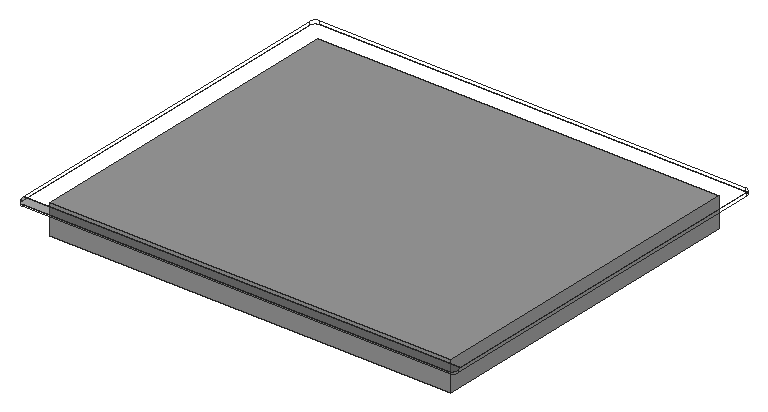
Revit family "IZF 6420", category Specialty Equipment, host Face, Revit 2017 (continued)
Lines and regions (mm)
  Split face 131
    outline origin (-1534.635, 255, 5) x (-1, 0, 0) y (0, -1, 0)
      loop
        line (-1478.854, 465.105) -> (-1477.428, 465.102) -> (-1475.995, 465.105)
        arc (-1475.995, 465.105) -> (-1475.64, 464.959) -> (-1475.493, 464.605) r 0.5
        line (-1475.493, 464.605) -> (-1475.493, 461.96) -> (-1474.433, 461.225) -> (-1473.977, 461.882) -> (-1474.693, 462.379)
  Split face 132
    outline origin (-1534.635, 255, 5) x (-1, 0, 0) y (0, -1, 0)
      loop
        line (-1474.205, 461.554) -> (-1475.093, 462.169) -> (-1475.093, 465.004)
        arc (-1475.093, 465.004) -> (-1475.24, 465.358) -> (-1475.593, 465.504) r 0.5
        line (-1475.593, 465.504) -> (-1479.265, 465.504)
        arc (-1479.265, 465.504) -> (-1479.618, 465.358) -> (-1479.765, 465.004) r 0.5
        line (-1479.765, 465.004) -> (-1479.765, 462.169) -> (-1480.653, 461.554)
  Split face 133
    outline origin (-1534.635, 255, 5) x (-1, 0, 0) y (0, -1, 0)
      loop
        line (-1466.675, 462.693) -> (-1470.547, 462.693)
      loop
        line (-1466.675, 463.093) -> (-1470.547, 463.093)
  Split face 134
    outline origin (-1534.635, 255, 5) x (-1, 0, 0) y (0, -1, 0)
      loop
        line (-1475.493, 463.093) -> (-1479.365, 463.093)
      loop
        line (-1475.493, 462.693) -> (-1479.365, 462.693)
  Split face 135
    outline origin (-1534.635, 255, 5) x (-1, 0, 0) y (0, -1, 0)
      loop
        line (-1476.464, 462.127) -> (-1478.864, 462.127)
        arc (-1478.864, 462.127) -> (-1478.466, 461.085) -> (-1478.863, 460.043) r 1.562
        arc (-1478.863, 460.043) -> (-1479.134, 459.678) -> (-1479.287, 459.25) r 1.549
        line (-1479.287, 459.25) -> (-1476.887, 459.25)
        arc (-1476.887, 459.25) -> (-1476.734, 459.678) -> (-1476.463, 460.043) r 1.549
        arc (-1476.463, 460.043) -> (-1476.066, 461.085) -> (-1476.464, 462.127) r 1.562
  Split face 136
    outline origin (-1534.635, 255, 5) x (-1, 0, 0) y (0, -1, 0)
      loop
        arc (-1476.864, 462.127) -> (-1476.466, 461.085) -> (-1476.863, 460.043) r 1.562
        arc (-1476.863, 460.043) -> (-1477.134, 459.678) -> (-1477.287, 459.25) r 1.549
      loop
        arc (-1477.464, 462.127) -> (-1477.066, 461.085) -> (-1477.463, 460.043) r 1.562
        arc (-1477.463, 460.043) -> (-1477.734, 459.678) -> (-1477.887, 459.25) r 1.549
      loop
        arc (-1477.864, 462.127) -> (-1477.466, 461.085) -> (-1477.863, 460.043) r 1.562
        arc (-1477.863, 460.043) -> (-1478.134, 459.678) -> (-1478.287, 459.25) r 1.549
      loop
        arc (-1478.464, 462.127) -> (-1478.066, 461.085) -> (-1478.463, 460.043) r 1.562
        arc (-1478.463, 460.043) -> (-1478.734, 459.678) -> (-1478.887, 459.25) r 1.549
  Split face 137
    outline origin (-1534.635, 255, 5) x (-1, 0, 0) y (0, -1, 0)
      loop
        circle (-1508.694, 459.867) r 5.483
  Split face 138
    outline origin (-1534.635, 255, 5) x (-1, 0, 0) y (0, -1, 0)
      loop
        circle (-1508.694, 459.867) r 5.283
  Split face 139
    outline origin (-1534.635, 255, 5) x (-1, 0, 0) y (0, -1, 0)
      loop
        line (-1505.994, 458.21) -> (-1505.994, 463.61) -> (-1511.394, 463.61) -> (-1511.394, 458.21) -> (-1505.994, 458.21)
  Split face 140
    outline origin (-1534.635, 255, 5) x (-1, 0, 0) y (0, -1, 0)
      loop
        line (-1506.835, 458.21) -> (-1510.553, 458.21) -> (-1510.553, 456.847)
        arc (-1510.553, 456.847) -> (-1508.694, 454.988) -> (-1506.835, 456.847) r 1.859
        line (-1506.835, 456.847) -> (-1506.835, 458.21)
  Split face 141
    outline origin (-1534.635, 255, 5) x (-1, 0, 0) y (0, -1, 0)
      loop
        line (-1507.331, 458.21) -> (-1510.057, 458.21) -> (-1510.057, 456.847)
        arc (-1510.057, 456.847) -> (-1508.694, 455.484) -> (-1507.331, 456.847) r 1.363
        line (-1507.331, 456.847) -> (-1507.331, 458.21)
  Split face 142
    outline origin (-1534.635, 255, 5) x (-1, 0, 0) y (0, -1, 0)
      loop
        line (-1506.49, 458.706) -> (-1506.49, 463.114) -> (-1510.898, 463.114) -> (-1510.898, 458.706) -> (-1506.49, 458.706)
  Split face 143
    outline origin (-1534.635, 255, 5) x (-1, 0, 0) y (0, -1, 0)
      loop
        arc (-1509.536, 461.083) -> (-1508.694, 459.371) -> (-1507.853, 461.083) r 1.063
        line (-1507.853, 461.083) -> (-1507.608, 462.472) -> (-1509.781, 462.472) -> (-1509.536, 461.083)
  Split face 144
    outline origin (-1534.635, 255, 5) x (-1, 0, 0) y (0, -1, 0)
      loop
        arc (-1509.002, 460.91) -> (-1508.694, 459.867) -> (-1508.386, 460.91) r 0.567
        line (-1508.386, 460.91) -> (-1508.198, 461.977) -> (-1509.19, 461.977) -> (-1509.002, 460.91)
  Split face 145
    outline origin (-1534.635, 255, 5) x (-1, 0, 0) y (0, -1, 0)
      loop
        line (-1532.307, 455.202) -> (-1527.468, 455.202) -> (-1528.678, 456.522) -> (-1530.867, 456.522) -> (-1532.307, 455.202)
  Split face 146
    outline origin (-1534.635, 255, 5) x (-1, 0, 0) y (0, -1, 0)
      loop
        line (-1528.191, 456.968) -> (-1526.982, 455.648) -> (-1526.613, 459.861) -> (-1527.994, 459.217) -> (-1528.191, 456.968)
  Split face 147
    outline origin (-1534.635, 255, 5) x (-1, 0, 0) y (0, -1, 0)
      loop
        line (-1531.313, 457.008) -> (-1531.117, 459.24) -> (-1532.385, 459.9) -> (-1532.753, 455.688) -> (-1531.313, 457.008)
  Split face 148
    outline origin (-1534.635, 255, 5) x (-1, 0, 0) y (0, -1, 0)
      loop
        line (-1527.961, 459.596) -> (-1526.58, 460.24) -> (-1527.846, 460.916) -> (-1530.971, 460.916) -> (-1532.353, 460.256) -> (-1531.086, 459.596) -> (-1527.961, 459.596)
  Split face 149
    outline origin (-1534.635, 255, 5) x (-1, 0, 0) y (0, -1, 0)
      loop
        line (-1530.937, 461.298) -> (-1530.741, 463.545) -> (-1531.95, 464.865) -> (-1532.32, 460.638) -> (-1530.937, 461.298)
  Split face 150
    outline origin (-1534.635, 255, 5) x (-1, 0, 0) y (0, -1, 0)
      loop
        line (-1530.254, 463.991) -> (-1528.065, 463.991) -> (-1526.625, 465.311) -> (-1531.464, 465.311) -> (-1530.254, 463.991)
  Split face 151
    outline origin (-1534.635, 255, 5) x (-1, 0, 0) y (0, -1, 0)
      loop
        line (-1540.519, 455.202) -> (-1535.68, 455.202) -> (-1536.889, 456.522) -> (-1539.078, 456.522) -> (-1540.519, 455.202)
  Split face 152
    outline origin (-1534.635, 255, 5) x (-1, 0, 0) y (0, -1, 0)
      loop
        line (-1536.403, 456.968) -> (-1535.193, 455.648) -> (-1534.824, 459.861) -> (-1536.206, 459.217) -> (-1536.403, 456.968)
  Split face 153
    outline origin (-1534.635, 255, 5) x (-1, 0, 0) y (0, -1, 0)
      loop
        line (-1539.524, 457.008) -> (-1539.329, 459.24) -> (-1540.596, 459.9) -> (-1540.965, 455.688) -> (-1539.524, 457.008)
  Split face 154
    outline origin (-1534.635, 255, 5) x (-1, 0, 0) y (0, -1, 0)
      loop
        line (-1536.173, 459.596) -> (-1534.791, 460.24) -> (-1536.057, 460.916) -> (-1539.182, 460.916) -> (-1540.565, 460.256) -> (-1539.298, 459.596) -> (-1536.173, 459.596)
  Split face 155
    outline origin (-1534.635, 255, 5) x (-1, 0, 0) y (0, -1, 0)
      loop
        line (-1539.149, 461.298) -> (-1538.952, 463.545) -> (-1540.162, 464.865) -> (-1540.531, 460.638) -> (-1539.149, 461.298)
  Split face 156
    outline origin (-1534.635, 255, 5) x (-1, 0, 0) y (0, -1, 0)
      loop
        line (-1538.466, 463.991) -> (-1536.277, 463.991) -> (-1534.836, 465.311) -> (-1539.675, 465.311) -> (-1538.466, 463.991)
  Split face 157
    outline origin (-1534.635, 255, 5) x (-1, 0, 0) y (0, -1, 0)
      loop
        circle (-1559.397, 459.867) r 5.483
  Split face 158
    outline origin (-1534.635, 255, 5) x (-1, 0, 0) y (0, -1, 0)
      loop
        circle (-1559.397, 459.867) r 5.283
  Split face 159
    outline origin (-1534.635, 255, 5) x (-1, 0, 0) y (0, -1, 0)
      loop
        line (-1557.344, 457.567) -> (-1557.344, 462.167) -> (-1558.144, 462.167) -> (-1558.144, 457.567) -> (-1557.344, 457.567)
  Split face 160
    outline origin (-1534.635, 255, 5) x (-1, 0, 0) y (0, -1, 0)
      loop
        line (-1561.449, 457.567) -> (-1560.649, 457.567) -> (-1560.649, 462.167) -> (-1561.449, 462.167) -> (-1561.449, 457.567)
  Split face 161
    outline origin (-1534.635, 255, 5) x (-1, 0, 0) y (0, -1, 0)
      loop
        line (-1611.101, 455.774) -> (-1606.262, 455.774) -> (-1607.472, 457.094) -> (-1609.661, 457.094) -> (-1611.101, 455.774)
  Split face 162
    outline origin (-1534.635, 255, 5) x (-1, 0, 0) y (0, -1, 0)
      loop
        line (-1605.776, 456.22) -> (-1605.407, 460.433) -> (-1606.789, 459.789) -> (-1606.985, 457.54) -> (-1605.776, 456.22)
  Split face 163
    outline origin (-1534.635, 255, 5) x (-1, 0, 0) y (0, -1, 0)
      loop
        line (-1610.107, 457.581) -> (-1609.911, 459.813) -> (-1611.179, 460.473) -> (-1611.547, 456.261) -> (-1610.107, 457.581)
  Split face 164
    outline origin (-1534.635, 255, 5) x (-1, 0, 0) y (0, -1, 0)
      loop
        line (-1606.755, 460.168) -> (-1605.374, 460.813) -> (-1606.64, 461.488) -> (-1609.765, 461.488) -> (-1611.148, 460.828) -> (-1609.88, 460.168) -> (-1606.755, 460.168)
  Split face 165
    outline origin (-1534.635, 255, 5) x (-1, 0, 0) y (0, -1, 0)
      loop
        line (-1609.731, 461.87) -> (-1609.535, 464.117) -> (-1610.744, 465.437) -> (-1611.114, 461.21) -> (-1609.731, 461.87)
  Split face 166
    outline origin (-1534.635, 255, 5) x (-1, 0, 0) y (0, -1, 0)
      loop
        line (-1609.048, 464.563) -> (-1606.859, 464.563) -> (-1605.419, 465.883) -> (-1610.258, 465.883) -> (-1609.048, 464.563)
  Split face 167
    outline origin (-1534.635, 255, 5) x (-1, 0, 0) y (0, -1, 0)
      loop
        arc (-1614.604, 464.293) -> (-1614.848, 465.4) -> (-1615.868, 465.895) r 1.3
        line (-1615.868, 465.895) -> (-1619.201, 465.895)
        arc (-1619.201, 465.895) -> (-1620.221, 465.4) -> (-1620.465, 464.293) r 1.3
        line (-1620.465, 464.293) -> (-1619.901, 461.937) -> (-1619.123, 462.123) -> (-1619.687, 464.479)
        arc (-1619.687, 464.479) -> (-1619.593, 464.905) -> (-1619.201, 465.095) r 0.5
        line (-1619.201, 465.095) -> (-1615.868, 465.095)
        arc (-1615.868, 465.095) -> (-1615.476, 464.905) -> (-1615.382, 464.479) r 0.5
        line (-1615.382, 464.479) -> (-1615.946, 462.123) -> (-1615.168, 461.937) -> (-1614.604, 464.293)
  Split face 168
    outline origin (-1534.635, 255, 5) x (-1, 0, 0) y (0, -1, 0)
      loop
        line (-1615.557, 462.03) -> (-1614.993, 464.386)
        arc (-1614.993, 464.386) -> (-1615.162, 465.153) -> (-1615.868, 465.495) r 0.9
        line (-1615.868, 465.495) -> (-1619.201, 465.495)
        arc (-1619.201, 465.495) -> (-1619.907, 465.153) -> (-1620.076, 464.386) r 0.9
        line (-1620.076, 464.386) -> (-1619.512, 462.03)
  Split face 169
    outline origin (-1534.635, 255, 5) x (-1, 0, 0) y (0, -1, 0)
      loop
        line (-1616.527, 463.695) -> (-1618.927, 463.695)
        arc (-1618.927, 463.695) -> (-1618.528, 462.654) -> (-1618.925, 461.612) r 1.562
        arc (-1618.925, 461.612) -> (-1619.35, 460.818) -> (-1619.262, 459.922) r 1.549
        line (-1619.262, 459.922) -> (-1616.862, 459.922)
        arc (-1616.862, 459.922) -> (-1616.95, 460.818) -> (-1616.525, 461.612) r 1.549
        arc (-1616.525, 461.612) -> (-1616.128, 462.654) -> (-1616.527, 463.695) r 1.562
  Split face 170
    outline origin (-1534.635, 255, 5) x (-1, 0, 0) y (0, -1, 0)
      loop
        arc (-1616.927, 463.695) -> (-1616.528, 462.654) -> (-1616.925, 461.612) r 1.562
        arc (-1616.925, 461.612) -> (-1617.35, 460.818) -> (-1617.262, 459.922) r 1.549
      loop
        arc (-1617.527, 463.695) -> (-1617.128, 462.654) -> (-1617.525, 461.612) r 1.562
        arc (-1617.525, 461.612) -> (-1617.95, 460.818) -> (-1617.862, 459.922) r 1.549
      loop
        arc (-1617.927, 463.695) -> (-1617.528, 462.654) -> (-1617.925, 461.612) r 1.562
        arc (-1617.925, 461.612) -> (-1618.35, 460.818) -> (-1618.262, 459.922) r 1.549
      loop
        arc (-1618.527, 463.695) -> (-1618.128, 462.654) -> (-1618.525, 461.612) r 1.562
        arc (-1618.525, 461.612) -> (-1618.95, 460.818) -> (-1618.862, 459.922) r 1.549
  Split face 171
    outline origin (-1534.635, 255, 5) x (-1, 0, 0) y (0, -1, 0)
      loop
        line (-1625.745, 461.96) -> (-1624.684, 461.225) -> (-1624.228, 461.882) -> (-1624.945, 462.379) -> (-1624.945, 465.081)
        arc (-1624.945, 465.081) -> (-1625.132, 465.605) -> (-1625.606, 465.895) r 0.838
        line (-1625.606, 465.895) -> (-1629.755, 465.895)
        arc (-1629.755, 465.895) -> (-1630.232, 465.601) -> (-1630.416, 465.072) r 0.838
        line (-1630.416, 465.072) -> (-1630.416, 462.379) -> (-1631.132, 461.882) -> (-1630.677, 461.225) -> (-1629.616, 461.96) -> (-1629.616, 464.605)
        arc (-1629.616, 464.605) -> (-1629.47, 464.959) -> (-1629.116, 465.105) r 0.5
        line (-1629.116, 465.105) -> (-1626.256, 465.105)
        arc (-1626.256, 465.105) -> (-1625.875, 464.936) -> (-1625.745, 464.54) r 0.514
        line (-1625.745, 464.54) -> (-1625.745, 461.96)
  Split face 172
    outline origin (-1534.635, 255, 5) x (-1, 0, 0) y (0, -1, 0)
      loop
        line (-1624.457, 461.552) -> (-1625.345, 462.167) -> (-1625.345, 465.004)
        arc (-1625.345, 465.004) -> (-1625.491, 465.358) -> (-1625.845, 465.504) r 0.5
        line (-1625.845, 465.504) -> (-1629.516, 465.504)
        arc (-1629.516, 465.504) -> (-1629.87, 465.358) -> (-1630.016, 465.004) r 0.5
        line (-1630.016, 465.004) -> (-1630.016, 462.167) -> (-1630.903, 461.552)
  Split face 173
    outline origin (-1534.635, 255, 5) x (-1, 0, 0) y (0, -1, 0)
      loop
        line (-1633.301, 462.379) -> (-1633.301, 465.072)
        arc (-1633.301, 465.072) -> (-1633.485, 465.601) -> (-1633.962, 465.895) r 0.838
        line (-1633.962, 465.895) -> (-1638.111, 465.895)
        arc (-1638.111, 465.895) -> (-1638.585, 465.605) -> (-1638.772, 465.081) r 0.838
        line (-1638.772, 465.081) -> (-1638.772, 462.379) -> (-1639.489, 461.882) -> (-1639.033, 461.225) -> (-1637.972, 461.96) -> (-1637.972, 464.54)
        arc (-1637.972, 464.54) -> (-1637.842, 464.936) -> (-1637.461, 465.105) r 0.514
        line (-1637.461, 465.105) -> (-1636.036, 465.102) -> (-1634.602, 465.105)
        arc (-1634.602, 465.105) -> (-1634.248, 464.959) -> (-1634.101, 464.605) r 0.5
        line (-1634.101, 464.605) -> (-1634.101, 461.96) -> (-1633.04, 461.225) -> (-1632.585, 461.882) -> (-1633.301, 462.379)
  Split face 174
    outline origin (-1534.635, 255, 5) x (-1, 0, 0) y (0, -1, 0)
      loop
        line (-1632.814, 461.552) -> (-1633.701, 462.167) -> (-1633.701, 465.004)
        arc (-1633.701, 465.004) -> (-1633.847, 465.358) -> (-1634.201, 465.504) r 0.5
        line (-1634.201, 465.504) -> (-1637.872, 465.504)
        arc (-1637.872, 465.504) -> (-1638.226, 465.358) -> (-1638.372, 465.004) r 0.5
        line (-1638.372, 465.004) -> (-1638.372, 462.167) -> (-1639.26, 461.552)
  Split face 175
    outline origin (-1534.635, 255, 5) x (-1, 0, 0) y (0, -1, 0)
      loop
        line (-1634.101, 463.093) -> (-1637.972, 463.093)
      loop
        line (-1634.101, 462.693) -> (-1637.972, 462.693)
  Split face 176
    outline origin (-1534.635, 255, 5) x (-1, 0, 0) y (0, -1, 0)
      loop
        arc (-1626.877, 464.112) -> (-1627.672, 464.912) -> (-1628.437, 464.083) r 0.781
        line (-1628.437, 464.083) -> (-1627.65, 461.972) -> (-1626.877, 464.112)
  Split face 177
    outline origin (-1534.635, 255, 5) x (-1, 0, 0) y (0, -1, 0)
      loop
        arc (-1627.077, 464.147) -> (-1627.67, 464.712) -> (-1628.238, 464.123) r 0.581
        line (-1628.238, 464.123) -> (-1627.653, 462.552) -> (-1627.077, 464.147)
  Split face 178
    outline origin (-1534.635, 255, 5) x (-1, 0, 0) y (0, -1, 0)
      loop
        line (-1717.317, 455.774) -> (-1712.478, 455.774) -> (-1713.687, 457.094) -> (-1715.876, 457.094) -> (-1717.317, 455.774)
  Split face 179
    outline origin (-1534.635, 255, 5) x (-1, 0, 0) y (0, -1, 0)
      loop
        line (-1713.201, 457.54) -> (-1711.991, 456.22) -> (-1711.622, 460.433) -> (-1713.004, 459.789) -> (-1713.201, 457.54)
  Split face 180
    outline origin (-1534.635, 255, 5) x (-1, 0, 0) y (0, -1, 0)
      loop
        line (-1716.322, 457.581) -> (-1716.127, 459.813) -> (-1717.394, 460.473) -> (-1717.763, 456.261) -> (-1716.322, 457.581)
  Split face 181
    outline origin (-1534.635, 255, 5) x (-1, 0, 0) y (0, -1, 0)
      loop
        line (-1712.971, 460.168) -> (-1711.589, 460.813) -> (-1712.855, 461.488) -> (-1715.98, 461.488) -> (-1717.363, 460.828) -> (-1716.096, 460.168) -> (-1712.971, 460.168)
  Split face 182
    outline origin (-1534.635, 255, 5) x (-1, 0, 0) y (0, -1, 0)
      loop
        line (-1715.947, 461.87) -> (-1715.75, 464.117) -> (-1716.96, 465.437) -> (-1717.329, 461.21) -> (-1715.947, 461.87)
  Split face 183
    outline origin (-1534.635, 255, 5) x (-1, 0, 0) y (0, -1, 0)
      loop
        line (-1715.264, 464.563) -> (-1713.075, 464.563) -> (-1711.634, 465.883) -> (-1716.473, 465.883) -> (-1715.264, 464.563)
  Split face 184
    outline origin (-1534.635, 255, 5) x (-1, 0, 0) y (0, -1, 0)
      loop
        line (-1719.93, 461.937) -> (-1719.366, 464.293)
        arc (-1719.366, 464.293) -> (-1719.61, 465.4) -> (-1720.63, 465.895) r 1.3
        line (-1720.63, 465.895) -> (-1723.963, 465.895)
        arc (-1723.963, 465.895) -> (-1724.984, 465.4) -> (-1725.227, 464.293) r 1.3
        line (-1725.227, 464.293) -> (-1724.663, 461.937) -> (-1723.885, 462.123) -> (-1724.449, 464.479)
        arc (-1724.449, 464.479) -> (-1724.355, 464.905) -> (-1723.963, 465.095) r 0.5
        line (-1723.963, 465.095) -> (-1720.63, 465.095)
        arc (-1720.63, 465.095) -> (-1720.238, 464.905) -> (-1720.144, 464.479) r 0.5
        line (-1720.144, 464.479) -> (-1720.708, 462.123) -> (-1719.93, 461.937)
  Split face 185
    outline origin (-1534.635, 255, 5) x (-1, 0, 0) y (0, -1, 0)
      loop
        line (-1720.319, 462.03) -> (-1719.755, 464.386)
        arc (-1719.755, 464.386) -> (-1719.924, 465.153) -> (-1720.63, 465.495) r 0.9
        line (-1720.63, 465.495) -> (-1723.963, 465.495)
        arc (-1723.963, 465.495) -> (-1724.669, 465.153) -> (-1724.838, 464.386) r 0.9
        line (-1724.838, 464.386) -> (-1724.274, 462.03)
  Split face 186
    outline origin (-1534.635, 255, 5) x (-1, 0, 0) y (0, -1, 0)
      loop
        arc (-1721.624, 459.922) -> (-1721.712, 460.818) -> (-1721.288, 461.612) r 1.549
        arc (-1721.288, 461.612) -> (-1720.891, 462.654) -> (-1721.289, 463.695) r 1.562
        line (-1721.289, 463.695) -> (-1723.689, 463.695)
        arc (-1723.689, 463.695) -> (-1723.291, 462.654) -> (-1723.688, 461.612) r 1.562
        arc (-1723.688, 461.612) -> (-1724.112, 460.818) -> (-1724.024, 459.922) r 1.549
        line (-1724.024, 459.922) -> (-1721.624, 459.922)
  Split face 187
    outline origin (-1534.635, 255, 5) x (-1, 0, 0) y (0, -1, 0)
      loop
        arc (-1721.689, 463.695) -> (-1721.291, 462.654) -> (-1721.688, 461.612) r 1.562
        arc (-1721.688, 461.612) -> (-1722.112, 460.818) -> (-1722.024, 459.922) r 1.549
      loop
        arc (-1722.289, 463.695) -> (-1721.891, 462.654) -> (-1722.288, 461.612) r 1.562
        arc (-1722.288, 461.612) -> (-1722.712, 460.818) -> (-1722.624, 459.922) r 1.549
      loop
        arc (-1722.689, 463.695) -> (-1722.291, 462.654) -> (-1722.688, 461.612) r 1.562
        arc (-1722.688, 461.612) -> (-1723.112, 460.818) -> (-1723.024, 459.922) r 1.549
      loop
        arc (-1723.289, 463.695) -> (-1722.891, 462.654) -> (-1723.288, 461.612) r 1.562
        arc (-1723.288, 461.612) -> (-1723.712, 460.818) -> (-1723.624, 459.922) r 1.549
  Split face 188
    outline origin (-1534.635, 255, 5) x (-1, 0, 0) y (0, -1, 0)
      loop
        line (-1728.127, 462.379) -> (-1728.127, 465.072)
        arc (-1728.127, 465.072) -> (-1728.312, 465.601) -> (-1728.788, 465.895) r 0.838
        line (-1728.788, 465.895) -> (-1732.938, 465.895)
        arc (-1732.938, 465.895) -> (-1733.411, 465.605) -> (-1733.599, 465.081) r 0.838
        line (-1733.599, 465.081) -> (-1733.599, 462.379) -> (-1734.315, 461.882) -> (-1733.859, 461.225) -> (-1732.799, 461.96) -> (-1732.799, 464.54)
        arc (-1732.799, 464.54) -> (-1732.668, 464.936) -> (-1732.287, 465.105) r 0.514
        line (-1732.287, 465.105) -> (-1730.862, 465.102) -> (-1729.428, 465.105)
        arc (-1729.428, 465.105) -> (-1729.074, 464.959) -> (-1728.927, 464.605) r 0.5
        line (-1728.927, 464.605) -> (-1728.927, 461.96) -> (-1727.866, 461.225) -> (-1727.411, 461.882) -> (-1728.127, 462.379)
  Split face 189
    outline origin (-1534.635, 255, 5) x (-1, 0, 0) y (0, -1, 0)
      loop
        arc (-1730.06, 464.112) -> (-1730.855, 464.912) -> (-1731.619, 464.083) r 0.781
        line (-1731.619, 464.083) -> (-1730.832, 461.972) -> (-1730.06, 464.112)
  Split face 190
    outline origin (-1534.635, 255, 5) x (-1, 0, 0) y (0, -1, 0)
      loop
        arc (-1730.26, 464.147) -> (-1730.852, 464.712) -> (-1731.421, 464.123) r 0.581
        line (-1731.421, 464.123) -> (-1730.835, 462.552) -> (-1730.26, 464.147)
  Split face 191
    outline origin (-1534.635, 255, 5) x (-1, 0, 0) y (0, -1, 0)
      loop
        line (-1727.64, 461.552) -> (-1728.527, 462.167) -> (-1728.527, 465.004)
        arc (-1728.527, 465.004) -> (-1728.674, 465.358) -> (-1729.027, 465.504) r 0.5
        line (-1729.027, 465.504) -> (-1732.699, 465.504)
        arc (-1732.699, 465.504) -> (-1733.052, 465.358) -> (-1733.199, 465.004) r 0.5
        line (-1733.199, 465.004) -> (-1733.199, 462.167) -> (-1734.086, 461.552)
  Split face 192
    outline origin (-1534.635, 255, 5) x (-1, 0, 0) y (0, -1, 0)
      loop
        line (-1737.283, 464.605) -> (-1737.283, 461.96) -> (-1736.223, 461.225) -> (-1735.767, 461.882) -> (-1736.483, 462.379) -> (-1736.483, 465.072)
        arc (-1736.483, 465.072) -> (-1736.668, 465.601) -> (-1737.145, 465.895) r 0.838
        line (-1737.145, 465.895) -> (-1741.294, 465.895)
        arc (-1741.294, 465.895) -> (-1741.767, 465.605) -> (-1741.955, 465.081) r 0.838
        line (-1741.955, 465.081) -> (-1741.955, 462.379) -> (-1742.671, 461.882) -> (-1742.216, 461.225) -> (-1741.155, 461.96) -> (-1741.155, 464.54)
        arc (-1741.155, 464.54) -> (-1741.025, 464.936) -> (-1740.644, 465.105) r 0.514
        line (-1740.644, 465.105) -> (-1739.218, 465.102) -> (-1737.785, 465.105)
        arc (-1737.785, 465.105) -> (-1737.43, 464.959) -> (-1737.283, 464.605) r 0.5
  Split face 193
    outline origin (-1534.635, 255, 5) x (-1, 0, 0) y (0, -1, 0)
      loop
        line (-1735.996, 461.552) -> (-1736.883, 462.167) -> (-1736.883, 464.995)
        arc (-1736.883, 464.995) -> (-1737.03, 465.349) -> (-1737.383, 465.495) r 0.5
        line (-1737.383, 465.495) -> (-1741.055, 465.495)
        arc (-1741.055, 465.495) -> (-1741.408, 465.349) -> (-1741.555, 464.995) r 0.5
        line (-1741.555, 464.995) -> (-1741.555, 462.167) -> (-1742.442, 461.552)
  Split face 194
    outline origin (-1534.635, 255, 5) x (-1, 0, 0) y (0, -1, 0)
      loop
        line (-1737.283, 463.093) -> (-1741.155, 463.093)
      loop
        line (-1737.283, 462.693) -> (-1741.155, 462.693)
  Split face 195
    outline origin (-1534.635, 255, 5) x (-1, 0, 0) y (0, -1, 0)
      loop
        line (-1377.358, 483.686) -> (-1291.658, 483.686) -> (-1291.658, 485.586) -> (-1377.358, 485.586) -> (-1377.358, 483.686)
  Split face 196
    outline origin (-1534.635, 255, 5) x (-1, 0, 0) y (0, -1, 0)
      loop
        line (-1293.558, 483.686) -> (-1293.558, 485.586)
      loop
        line (-1295.708, 483.686) -> (-1295.708, 485.586)
      loop
        line (-1298.608, 483.686) -> (-1298.608, 485.586)
      loop
        line (-1300.758, 483.686) -> (-1300.758, 485.586)
      loop
        line (-1304.658, 483.686) -> (-1304.658, 485.586)
      loop
        line (-1306.808, 483.686) -> (-1306.808, 485.586)
      loop
        line (-1311.708, 483.686) -> (-1311.708, 485.586)
      loop
        line (-1313.858, 483.686) -> (-1313.858, 485.586)
      loop
        line (-1319.758, 483.686) -> (-1319.758, 485.586)
      loop
        line (-1321.908, 483.686) -> (-1321.908, 485.586)
      loop
        line (-1328.808, 483.686) -> (-1328.808, 485.586)
      loop
        line (-1330.958, 483.686) -> (-1330.958, 485.586)
      loop
        line (-1338.858, 483.686) -> (-1338.858, 485.586)
      loop
        line (-1341.008, 483.686) -> (-1341.008, 485.586)
      loop
        line (-1350.008, 483.686) -> (-1350.008, 485.586)
      loop
        line (-1352.158, 483.686) -> (-1352.158, 485.586)
      loop
        line (-1362.158, 483.686) -> (-1362.158, 485.586)
      loop
        line (-1364.308, 483.686) -> (-1364.308, 485.586)
      loop
        line (-1375.208, 483.686) -> (-1375.208, 485.586)
  Split face 197
    outline origin (-1534.635, 255, 5) x (-1, 0, 0) y (0, -1, 0)
      loop
        arc (-1277.5, 479.478) -> (-1277.147, 479.624) -> (-1277, 479.978) r 0.5
        line (-1277, 479.978) -> (-1277, 487.627)
        arc (-1277, 487.627) -> (-1277.147, 487.981) -> (-1277.5, 488.127) r 0.5
        line (-1277.5, 488.127) -> (-1289.985, 488.127)
        arc (-1289.985, 488.127) -> (-1290.339, 487.981) -> (-1290.485, 487.627) r 0.5
        line (-1290.485, 487.627) -> (-1290.485, 479.978)
        arc (-1290.485, 479.978) -> (-1290.339, 479.624) -> (-1289.985, 479.478) r 0.5
        line (-1289.985, 479.478) -> (-1277.5, 479.478)
  Split face 198
    outline origin (-1534.635, 255, 5) x (-1, 0, 0) y (0, -1, 0)
      loop
        line (-1290.285, 487.927) -> (-1290.285, 479.678) -> (-1277.2, 479.678) -> (-1277.2, 487.927) -> (-1290.285, 487.927)
  Split face 199
    outline origin (-1534.635, 255, 5) x (-1, 0, 0) y (0, -1, 0)
      loop
        circle (-1280.157, 485.592) r 1.569
  Split face 200
    outline origin (-1534.635, 255, 5) x (-1, 0, 0) y (0, -1, 0)
      loop
        arc (-1394.943, 478.306) -> (-1394.589, 478.453) -> (-1394.443, 478.806) r 0.5
        line (-1394.443, 478.806) -> (-1394.443, 486.456)
        arc (-1394.443, 486.456) -> (-1394.589, 486.809) -> (-1394.943, 486.956) r 0.5
        line (-1394.943, 486.956) -> (-1407.428, 486.956)
        arc (-1407.428, 486.956) -> (-1407.781, 486.809) -> (-1407.928, 486.456) r 0.5
        line (-1407.928, 486.456) -> (-1407.928, 478.806)
        arc (-1407.928, 478.806) -> (-1407.781, 478.453) -> (-1407.428, 478.306) r 0.5
        line (-1407.428, 478.306) -> (-1394.943, 478.306)
  Split face 201
    outline origin (-1534.635, 255, 5) x (-1, 0, 0) y (0, -1, 0)
      loop
        line (-1407.728, 478.506) -> (-1394.643, 478.506) -> (-1394.643, 486.756) -> (-1407.728, 486.756) -> (-1407.728, 478.506)
  Split face 202
    outline origin (-1534.635, 255, 5) x (-1, 0, 0) y (0, -1, 0)
      loop
        circle (-1397.6, 480.841) r 1.569
  Split face 203
    outline origin (-1534.635, 255, 5) x (-1, 0, 0) y (0, -1, 0)
      loop
        line (-1494.967, 483.686) -> (-1411.558, 483.686) -> (-1411.558, 485.586) -> (-1494.967, 485.586) -> (-1494.967, 483.686)
  Split face 204
    outline origin (-1534.635, 255, 5) x (-1, 0, 0) y (0, -1, 0)
      loop
        line (-1413.458, 483.686) -> (-1413.458, 485.586)
      loop
        line (-1415.608, 483.686) -> (-1415.608, 485.586)
      loop
        line (-1418.508, 483.686) -> (-1418.508, 485.586)
      loop
        line (-1420.658, 483.686) -> (-1420.658, 485.586)
      loop
        line (-1424.558, 483.686) -> (-1424.558, 485.586)
      loop
        line (-1426.708, 483.686) -> (-1426.708, 485.586)
      loop
        line (-1431.608, 483.686) -> (-1431.608, 485.586)
      loop
        line (-1433.758, 483.686) -> (-1433.758, 485.586)
      loop
        line (-1450.417, 483.686) -> (-1450.417, 485.586)
      loop
        line (-1452.567, 483.686) -> (-1452.567, 485.586)
      loop
        line (-1459.467, 483.686) -> (-1459.467, 485.586)
      loop
        line (-1461.617, 483.686) -> (-1461.617, 485.586)
      loop
        line (-1469.517, 483.686) -> (-1469.517, 485.586)
      loop
        line (-1471.667, 483.686) -> (-1471.667, 485.586)
      loop
        line (-1480.667, 483.686) -> (-1480.667, 485.586)
      loop
        line (-1482.817, 483.686) -> (-1482.817, 485.586)
      loop
        line (-1492.817, 483.686) -> (-1492.817, 485.586)
  Split face 205
    outline origin (-1534.635, 255, 5) x (-1, 0, 0) y (0, -1, 0)
      loop
        line (-1379.636, 485.586) -> (-1380.436, 485.586) -> (-1380.436, 482.807) -> (-1382.236, 482.807)
        arc (-1382.236, 482.807) -> (-1383.536, 481.107) -> (-1382.236, 479.407) r 1.762
        line (-1382.236, 479.407) -> (-1379.636, 479.407) -> (-1379.636, 485.586)
  Split face 206
    outline origin (-1534.635, 255, 5) x (-1, 0, 0) y (0, -1, 0)
      loop
        line (-1380.436, 482.107) -> (-1382.131, 482.107)
        arc (-1382.131, 482.107) -> (-1382.836, 481.107) -> (-1382.131, 480.107) r 1.062
        line (-1382.131, 480.107) -> (-1380.436, 480.107) -> (-1380.436, 482.107)
  Split face 207
    outline origin (-1534.635, 255, 5) x (-1, 0, 0) y (0, -1, 0)
      loop
        line (-1497.629, 485.586) -> (-1498.429, 485.586) -> (-1498.429, 482.807) -> (-1500.229, 482.807)
        arc (-1500.229, 482.807) -> (-1501.529, 481.107) -> (-1500.229, 479.407) r 1.762
        line (-1500.229, 479.407) -> (-1497.629, 479.407) -> (-1497.629, 485.586)
  Split face 208
    outline origin (-1534.635, 255, 5) x (-1, 0, 0) y (0, -1, 0)
      loop
        line (-1498.429, 480.107) -> (-1498.429, 482.107) -> (-1500.124, 482.107)
        arc (-1500.124, 482.107) -> (-1500.829, 481.107) -> (-1500.124, 480.107) r 1.062
        line (-1500.124, 480.107) -> (-1498.429, 480.107)
  Split face 209
    outline origin (-1534.635, 255, 5) x (-1, 0, 0) y (0, -1, 0)
      loop
        circle (-1509.033, 487.945) r 5.483
  Split face 210
    outline origin (-1534.635, 255, 5) x (-1, 0, 0) y (0, -1, 0)
      loop
        circle (-1509.033, 487.945) r 5.283
  Split face 211
    outline origin (-1534.635, 255, 5) x (-1, 0, 0) y (0, -1, 0)
      loop
        arc (-1509.026, 485.253) -> (-1506.59, 484.938) -> (-1506.835, 487.383) r 1.569
        line (-1506.835, 487.383) -> (-1506.835, 492.051)
        arc (-1506.835, 492.051) -> (-1509.022, 492.187) -> (-1511.21, 492.051) r 17.652
        line (-1511.21, 492.051) -> (-1511.21, 487.383)
        arc (-1511.21, 487.383) -> (-1511.48, 484.921) -> (-1509.026, 485.253) r 1.572
  Split face 212
    outline origin (-1534.635, 255, 5) x (-1, 0, 0) y (0, -1, 0)
      loop
        arc (-1509.03, 485.82) -> (-1506.879, 484.955) -> (-1507.035, 487.269) r 1.369
        line (-1507.035, 487.269) -> (-1507.035, 491.874)
        arc (-1507.035, 491.874) -> (-1509.022, 491.987) -> (-1511.01, 491.874) r 17.452
        line (-1511.01, 491.874) -> (-1511.01, 487.266)
        arc (-1511.01, 487.266) -> (-1511.192, 484.939) -> (-1509.03, 485.82) r 1.372
  Split face 213
    outline origin (-1534.635, 255, 5) x (-1, 0, 0) y (0, -1, 0)
      loop
        line (-1507.035, 491.013) -> (-1511.01, 491.013)
      loop
        line (-1507.035, 490.813) -> (-1511.01, 490.813)
  Split face 214
    outline origin (-1534.635, 255, 5) x (-1, 0, 0) y (0, -1, 0)
      loop
        line (-1507.78, 490.813) -> (-1507.78, 488.245) -> (-1510.18, 488.245) -> (-1510.18, 490.813)
  Split face 215
    outline origin (-1534.635, 255, 5) x (-1, 0, 0) y (0, -1, 0)
      loop
        line (-1507.98, 488.245) -> (-1507.98, 490.813)
      loop
        line (-1509.98, 490.813) -> (-1509.98, 488.245)
      loop
        line (-1508.88, 490.813) -> (-1508.88, 488.245)
      loop
        line (-1509.08, 488.245) -> (-1509.08, 490.813)
  Split face 216
    outline origin (-1534.635, 255, 5) x (-1, 0, 0) y (0, -1, 0)
      loop
        circle (-1524.169, 487.15) r 5.267
  Split face 217
    outline origin (-1534.635, 255, 5) x (-1, 0, 0) y (0, -1, 0)
      loop
        circle (-1524.169, 487.15) r 5.107
  Split face 218
    outline origin (-1534.635, 255, 5) x (-1, 0, 0) y (0, -1, 0)
      loop
        circle (-1534.252, 478.564) r 4.523
  Split face 219
    outline origin (-1534.635, 255, 5) x (-1, 0, 0) y (0, -1, 0)
      loop
        circle (-1534.252, 478.564) r 4.323
  Split face 220
    outline origin (-1534.635, 255, 5) x (-1, 0, 0) y (0, -1, 0)
      loop
        line (-1520.869, 486.9) -> (-1520.869, 487.7) -> (-1527.469, 487.7) -> (-1527.469, 486.9) -> (-1520.869, 486.9)
  Split face 221
    outline origin (-1534.635, 255, 5) x (-1, 0, 0) y (0, -1, 0)
      loop
        line (-1527.469, 487.4) -> (-1520.869, 487.4)
  Split face 222
    outline origin (-1423.658, -970.048, 5) x (-0.707107, -0.707107, 0) y (0.707107, -0.707107, 0)
      loop
        line (-1534.29, 478.526) -> (-1532.515, 476.751) -> (-1531.949, 477.317) -> (-1534.29, 479.657) -> (-1537.292, 476.655) -> (-1536.727, 476.089) -> (-1534.29, 478.526)
  Split face 223
    outline origin (-1534.635, 255, 5) x (-1, 0, 0) y (0, -1, 0)
      loop
        circle (-1543.662, 487.245) r 5.267
  Split face 224
    outline origin (-1534.635, 255, 5) x (-1, 0, 0) y (0, -1, 0)
      loop
        line (-1531.741, 478.91) -> (-1534.652, 478.91) -> (-1534.652, 475.064)
  Split face 225
    outline origin (-1534.635, 255, 5) x (-1, 0, 0) y (0, -1, 0)
      loop
        circle (-1543.662, 487.245) r 5.107
  Split face 226
    outline origin (-1534.635, 255, 5) x (-1, 0, 0) y (0, -1, 0)
      loop
        line (-1543.862, 483.145) -> (-1543.062, 483.145) -> (-1543.062, 486.645) -> (-1539.962, 486.645) -> (-1539.962, 487.445) -> (-1543.462, 487.445) -> (-1543.462, 491.345) -> (-1544.262, 491.345) -> (-1544.262, 487.845) -> (-1547.362, 487.845) -> (-1547.362, 487.045) -> (-1543.862, 487.045) -> (-1543.862, 483.145)
  Split face 227
    outline origin (-1534.635, 255, 5) x (-1, 0, 0) y (0, -1, 0)
      loop
        line (-1543.462, 487.445) -> (-1543.462, 483.145)
      loop
        line (-1543.862, 487.045) -> (-1543.862, 491.345)
  Split face 228
    outline origin (-1534.635, 255, 5) x (-1, 0, 0) y (0, -1, 0)
      loop
        line (-1539.962, 487.045) -> (-1543.462, 487.045)
  Split face 229
    outline origin (-1534.635, 255, 5) x (-1, 0, 0) y (0, -1, 0)
      loop
        line (-1547.362, 487.445) -> (-1543.862, 487.445)
  Split face 230
    outline origin (-1534.635, 255, 5) x (-1, 0, 0) y (0, -1, 0)
      loop
        line (-1564.238, 482.032) -> (-1558.238, 482.032)
        arc (-1558.238, 482.032) -> (-1557.885, 482.178) -> (-1557.738, 482.532) r 0.5
        line (-1557.738, 482.532) -> (-1557.738, 492.592)
        arc (-1557.738, 492.592) -> (-1557.885, 492.945) -> (-1558.238, 493.092) r 0.5
        line (-1558.238, 493.092) -> (-1564.238, 493.092)
        arc (-1564.238, 493.092) -> (-1564.592, 492.945) -> (-1564.738, 492.592) r 0.5
        line (-1564.738, 492.592) -> (-1564.738, 482.532)
        arc (-1564.738, 482.532) -> (-1564.592, 482.178) -> (-1564.238, 482.032) r 0.5
  Split face 231
    outline origin (-1534.635, 255, 5) x (-1, 0, 0) y (0, -1, 0)
      loop
        line (-1557.938, 482.732) -> (-1557.938, 492.392)
        arc (-1557.938, 492.392) -> (-1558.085, 492.745) -> (-1558.438, 492.892) r 0.5
        line (-1558.438, 492.892) -> (-1564.038, 492.892)
        arc (-1564.038, 492.892) -> (-1564.392, 492.745) -> (-1564.538, 492.392) r 0.5
        line (-1564.538, 492.392) -> (-1564.538, 482.732)
        arc (-1564.538, 482.732) -> (-1564.392, 482.378) -> (-1564.038, 482.232) r 0.5
        line (-1564.038, 482.232) -> (-1558.438, 482.232)
        arc (-1558.438, 482.232) -> (-1558.085, 482.378) -> (-1557.938, 482.732) r 0.5
  Split face 232
    outline origin (-1534.635, 255, 5) x (-1, 0, 0) y (0, -1, 0)
      loop
        line (-1563.238, 487.662) -> (-1563.238, 486.862) -> (-1559.238, 486.862) -> (-1559.238, 487.662) -> (-1563.238, 487.662)
  Split face 233
    outline origin (-1534.635, 255, 5) x (-1, 0, 0) y (0, -1, 0)
      loop
        line (-1559.238, 487.462) -> (-1563.238, 487.462)
  Split face 234
    outline origin (-1534.635, 255, 5) x (-1, 0, 0) y (0, -1, 0)
      loop
        circle (-1804.035, 479.48) r 2.431
  Split face 235
    outline origin (-1534.635, 255, 5) x (-1, 0, 0) y (0, -1, 0)
      loop
        line (-1800.002, 482.886) -> (-1799.574, 484.483) -> (-1802.005, 484.483) -> (-1799.885, 492.396) -> (-1801.538, 492.396) -> (-1803.953, 484.483) -> (-1825.833, 484.483) -> (-1826.261, 482.886) -> (-1800.002, 482.886)
  Split face 236
    outline origin (-1534.635, 255, 5) x (-1, 0, 0) y (0, -1, 0)
      loop
        arc (-1810.417, 488.448) -> (-1804.508, 486.846) -> (-1807.09, 492.396) r 3.376
        line (-1807.09, 492.396) -> (-1809.208, 492.396) -> (-1809.636, 490.799) -> (-1806.343, 490.799) -> (-1810.417, 488.448)
  Split face 237
    outline origin (-1534.635, 255, 5) x (-1, 0, 0) y (0, -1, 0)
      loop
        arc (-1808.666, 488.111) -> (-1806.18, 487.445) -> (-1805.514, 489.931) r 1.82
        line (-1805.514, 489.931) -> (-1808.666, 488.111)
  Split face 238
    outline origin (-1534.635, 255, 5) x (-1, 0, 0) y (0, -1, 0)
      loop
        line (-1810.617, 492.396) -> (-1812.271, 492.396) -> (-1813.001, 489.672) -> (-1815.383, 492.396) -> (-1817.45, 492.396) -> (-1814.688, 489.237) -> (-1817.94, 485.986) -> (-1815.739, 485.986) -> (-1813.348, 488.377) -> (-1813.988, 485.986) -> (-1812.335, 485.986) -> (-1810.617, 492.396)
  Split face 239
    outline origin (-1534.635, 255, 5) x (-1, 0, 0) y (0, -1, 0)
      loop
        line (-1820.702, 492.396) -> (-1823.712, 492.396) -> (-1825.43, 485.986) -> (-1823.535, 485.986) -> (-1823.211, 487.196)
        arc (-1823.211, 487.196) -> (-1817.815, 487.798) -> (-1820.702, 492.396) r 3.205
  Split face 240
    outline origin (-1534.635, 255, 5) x (-1, 0, 0) y (0, -1, 0)
      loop
        arc (-1822.643, 489.315) -> (-1819.703, 487.91) -> (-1820.897, 490.942) r 1.751
        line (-1820.897, 490.942) -> (-1822.207, 490.942) -> (-1822.643, 489.315)
  Split face 241
    outline origin (-1534.635, 255, 5) x (-1, 0, 0) y (0, -1, 0)
      loop
        line (-1791.729, 497.044) -> (-1263.252, 497.044) -> (-1263.252, 497.844) -> (-1791.729, 497.844) -> (-1791.729, 497.044)
  Split face 242
    outline origin (-1534.635, 255, 5) x (-1, 0, 0) y (0, -1, 0)
      loop
        line (-1791.729, 495.524) -> (-1263.252, 495.524) -> (-1263.252, 496.324) -> (-1791.729, 496.324) -> (-1791.729, 495.524)
  Split face 243
    outline origin (-1534.635, 255, 5) x (-1, 0, 0) y (0, -1, 0)
      loop
        arc (-1572.78, 477.763) -> (-1572.426, 477.91) -> (-1572.28, 478.263) r 0.5
        line (-1572.28, 478.263) -> (-1572.28, 485.913)
        arc (-1572.28, 485.913) -> (-1572.426, 486.267) -> (-1572.78, 486.413) r 0.5
        line (-1572.78, 486.413) -> (-1585.265, 486.413)
        arc (-1585.265, 486.413) -> (-1585.618, 486.267) -> (-1585.765, 485.913) r 0.5
        line (-1585.765, 485.913) -> (-1585.765, 478.263)
        arc (-1585.765, 478.263) -> (-1585.618, 477.91) -> (-1585.265, 477.763) r 0.5
        line (-1585.265, 477.763) -> (-1572.78, 477.763)
  Split face 244
    outline origin (-1534.635, 255, 5) x (-1, 0, 0) y (0, -1, 0)
      loop
        line (-1585.565, 477.963) -> (-1572.48, 477.963) -> (-1572.48, 486.213) -> (-1585.565, 486.213) -> (-1585.565, 477.963)
  Split face 245
    outline origin (-1534.635, 255, 5) x (-1, 0, 0) y (0, -1, 0)
      loop
        circle (-1582.608, 480.298) r 1.569
  Split face 246
    outline origin (-1534.635, 255, 5) x (-1, 0, 0) y (0, -1, 0)
      loop
        line (-1661.703, 483.774) -> (-1589.053, 483.774) -> (-1589.053, 485.674) -> (-1661.703, 485.674) -> (-1661.703, 483.774)
  Split face 247
    outline origin (-1534.635, 255, 5) x (-1, 0, 0) y (0, -1, 0)
      loop
        line (-1590.953, 483.774) -> (-1590.953, 485.674)
      loop
        line (-1593.103, 483.774) -> (-1593.103, 485.674)
      loop
        line (-1596.003, 483.774) -> (-1596.003, 485.674)
      loop
        line (-1598.153, 483.774) -> (-1598.153, 485.674)
      loop
        line (-1602.053, 483.774) -> (-1602.053, 485.674)
      loop
        line (-1604.203, 483.774) -> (-1604.203, 485.674)
      loop
        line (-1609.103, 483.774) -> (-1609.103, 485.674)
      loop
        line (-1611.253, 483.774) -> (-1611.253, 485.674)
      loop
        line (-1617.153, 483.774) -> (-1617.153, 485.674)
      loop
        line (-1619.303, 483.774) -> (-1619.303, 485.674)
      loop
        line (-1626.203, 483.774) -> (-1626.203, 485.674)
      loop
        line (-1628.353, 483.774) -> (-1628.353, 485.674)
      loop
        line (-1636.253, 483.774) -> (-1636.253, 485.674)
      loop
        line (-1638.403, 483.774) -> (-1638.403, 485.674)
      loop
        line (-1647.403, 483.774) -> (-1647.403, 485.674)
      loop
        line (-1649.553, 483.774) -> (-1649.553, 485.674)
      loop
        line (-1659.553, 483.774) -> (-1659.553, 485.674)
  Split face 248
    outline origin (-1534.635, 255, 5) x (-1, 0, 0) y (0, -1, 0)
      loop
        line (-1664.506, 485.674) -> (-1665.306, 485.674) -> (-1665.306, 482.807) -> (-1667.106, 482.807)
        arc (-1667.106, 482.807) -> (-1668.406, 481.107) -> (-1667.106, 479.407) r 1.762
        line (-1667.106, 479.407) -> (-1664.506, 479.407) -> (-1664.506, 485.674)
  Split face 249
    outline origin (-1534.635, 255, 5) x (-1, 0, 0) y (0, -1, 0)
      loop
        line (-1667.001, 480.107) -> (-1665.306, 480.107) -> (-1665.306, 482.107) -> (-1667.001, 482.107)
        arc (-1667.001, 482.107) -> (-1667.706, 481.107) -> (-1667.001, 480.107) r 1.062
  Split face 250
    outline origin (-1534.635, 255, 5) x (-1, 0, 0) y (0, -1, 0)
      loop
        arc (-1674.949, 478.895) -> (-1674.596, 479.042) -> (-1674.449, 479.395) r 0.5
        line (-1674.449, 479.395) -> (-1674.449, 487.045)
        arc (-1674.449, 487.045) -> (-1674.596, 487.399) -> (-1674.949, 487.545) r 0.5
        line (-1674.949, 487.545) -> (-1687.434, 487.545)
        arc (-1687.434, 487.545) -> (-1687.788, 487.399) -> (-1687.934, 487.045) r 0.5
        line (-1687.934, 487.045) -> (-1687.934, 479.395)
        arc (-1687.934, 479.395) -> (-1687.788, 479.042) -> (-1687.434, 478.895) r 0.5
        line (-1687.434, 478.895) -> (-1674.949, 478.895)
  Split face 251
    outline origin (-1534.635, 255, 5) x (-1, 0, 0) y (0, -1, 0)
      loop
        line (-1687.734, 479.095) -> (-1674.649, 479.095) -> (-1674.649, 487.345) -> (-1687.734, 487.345) -> (-1687.734, 479.095)
  Split face 252
    outline origin (-1534.635, 255, 5) x (-1, 0, 0) y (0, -1, 0)
      loop
        circle (-1684.777, 485.01) r 1.569
  Split face 253
    outline origin (-1534.635, 255, 5) x (-1, 0, 0) y (0, -1, 0)
      loop
        line (-1764.551, 483.774) -> (-1691.901, 483.774) -> (-1691.901, 485.674) -> (-1764.551, 485.674) -> (-1764.551, 483.774)
  Split face 254
    outline origin (-1534.635, 255, 5) x (-1, 0, 0) y (0, -1, 0)
      loop
        line (-1693.801, 483.774) -> (-1693.801, 485.674)
      loop
        line (-1695.951, 483.774) -> (-1695.951, 485.674)
      loop
        line (-1698.851, 483.774) -> (-1698.851, 485.674)
      loop
        line (-1701.001, 483.774) -> (-1701.001, 485.674)
      loop
        line (-1704.901, 483.774) -> (-1704.901, 485.674)
      loop
        line (-1707.051, 483.774) -> (-1707.051, 485.674)
      loop
        line (-1711.951, 483.774) -> (-1711.951, 485.674)
      loop
        line (-1714.101, 483.774) -> (-1714.101, 485.674)
      loop
        line (-1720.001, 483.774) -> (-1720.001, 485.674)
      loop
        line (-1722.151, 483.774) -> (-1722.151, 485.674)
      loop
        line (-1729.051, 483.774) -> (-1729.051, 485.674)
      loop
        line (-1731.201, 483.774) -> (-1731.201, 485.674)
      loop
        line (-1739.101, 483.774) -> (-1739.101, 485.674)
      loop
        line (-1741.251, 483.774) -> (-1741.251, 485.674)
      loop
        line (-1750.251, 483.774) -> (-1750.251, 485.674)
      loop
        line (-1752.401, 483.774) -> (-1752.401, 485.674)
      loop
        line (-1762.401, 483.774) -> (-1762.401, 485.674)
  Split face 255
    outline origin (-1534.635, 255, 5) x (-1, 0, 0) y (0, -1, 0)
      loop
        line (-1767.427, 479.407) -> (-1767.427, 485.674) -> (-1768.227, 485.674) -> (-1768.227, 482.807) -> (-1770.027, 482.807)
        arc (-1770.027, 482.807) -> (-1771.327, 481.107) -> (-1770.027, 479.407) r 1.762
        line (-1770.027, 479.407) -> (-1767.427, 479.407)
  Split face 256
    outline origin (-1534.635, 255, 5) x (-1, 0, 0) y (0, -1, 0)
      loop
        line (-1768.227, 480.107) -> (-1768.227, 482.107) -> (-1769.922, 482.107)
        arc (-1769.922, 482.107) -> (-1770.627, 481.107) -> (-1769.922, 480.107) r 1.062
        line (-1769.922, 480.107) -> (-1768.227, 480.107)
  Split face 257
    outline origin (-1534.635, 255, 5) x (-1, 0, 0) y (0, -1, 0)
      loop
        line (-1240.733, 497.844) -> (-1240.733, 494.444) -> (-1239.933, 494.444) -> (-1239.933, 497.844) -> (-1240.733, 497.844)
  Split face 258
    outline origin (-1534.635, 255, 5) x (-1, 0, 0) y (0, -1, 0)
      loop
        line (-1240.333, 494.444) -> (-1240.333, 497.844)
  Split face 259
    outline origin (-1534.635, 255, 5) x (-1, 0, 0) y (0, -1, 0)
      loop
        line (-1241.233, 497.844) -> (-1243.333, 497.844) -> (-1243.333, 494.444) -> (-1241.233, 494.444) -> (-1241.233, 497.844)
  Split face 260
    outline origin (-1534.635, 255, 5) x (-1, 0, 0) y (0, -1, 0)
      loop
        line (-1241.233, 497.444) -> (-1242.933, 494.844) -> (-1241.233, 494.844)
      loop
        line (-1243.333, 494.844) -> (-1241.633, 497.444) -> (-1243.333, 497.444)
  Split face 261
    outline origin (-1534.635, 255, 5) x (-1, 0, 0) y (0, -1, 0)
      loop
        line (-1243.687, 497.844) -> (-1245.787, 497.844) -> (-1245.787, 494.444) -> (-1243.687, 494.444) -> (-1243.687, 497.844)
  Split face 262
    outline origin (-1534.635, 255, 5) x (-1, 0, 0) y (0, -1, 0)
      loop
        line (-1245.787, 494.844) -> (-1244.087, 494.844) -> (-1244.087, 495.844) -> (-1245.787, 495.844)
      loop
        line (-1245.787, 496.244) -> (-1244.087, 496.244) -> (-1244.087, 497.844)
  Split face 263
    outline origin (-1534.635, 255, 5) x (-1, 0, 0) y (0, -1, 0)
      loop
        line (-1247.061, 497.844) -> (-1249.161, 497.844) -> (-1249.161, 494.444) -> (-1247.061, 494.444) -> (-1247.061, 497.844)
  Split face 264
    outline origin (-1534.635, 255, 5) x (-1, 0, 0) y (0, -1, 0)
      loop
        line (-1249.161, 494.844) -> (-1247.461, 494.844) -> (-1247.461, 497.444) -> (-1249.161, 497.444)
  Split face 265
    outline origin (-1534.635, 255, 5) x (-1, 0, 0) y (0, -1, 0)
      loop
        line (-1249.161, 495.936) -> (-1247.461, 495.936)
      loop
        line (-1248.711, 497.444) -> (-1248.711, 496.336) -> (-1247.461, 496.336)
  Split face 266
    outline origin (-1534.635, 255, 5) x (-1, 0, 0) y (0, -1, 0)
      loop
        line (-1249.542, 494.444) -> (-1249.542, 497.844) -> (-1251.642, 497.844) -> (-1251.642, 494.444) -> (-1249.542, 494.444)
  Split face 267
    outline origin (-1534.635, 255, 5) x (-1, 0, 0) y (0, -1, 0)
      loop
        line (-1251.242, 497.844) -> (-1251.242, 494.444)
  Split face 268
    outline origin (-1534.635, 255, 5) x (-1, 0, 0) y (0, -1, 0)
      loop
        line (-1251.19, 497.174) -> (-1249.542, 497.174)
      loop
        line (-1249.54, 496.774) -> (-1251.242, 496.774)
  Split face 269
    outline origin (-1534.635, 255, 5) x (-1, 0, 0) y (0, -1, 0)
      loop
        line (-1249.54, 496.774) -> (-1251.242, 494.444)
      loop
        line (-1251.242, 495.122) -> (-1250.035, 496.774)
  Split face 270
    outline origin (-1534.635, 255, 5) x (-1, 0, 0) y (0, -1, 0)
      loop
        line (-1252.04, 497.844) -> (-1253.84, 497.844) -> (-1253.84, 495.344)
        arc (-1253.84, 495.344) -> (-1252.94, 494.444) -> (-1252.04, 495.344) r 0.9
        line (-1252.04, 495.344) -> (-1252.04, 497.844)
  Split face 271
    outline origin (-1534.635, 255, 5) x (-1, 0, 0) y (0, -1, 0)
      loop
        line (-1252.04, 497.444) -> (-1253.84, 497.444)
      loop
        line (-1252.04, 495.344) -> (-1253.84, 495.344)
  Split face 272
    outline origin (-1534.635, 255, 5) x (-1, 0, 0) y (0, -1, 0)
      loop
        line (-1253.44, 495.344) -> (-1252.04, 497.444)
      loop
        line (-1253.84, 495.344) -> (-1252.44, 497.444)
  Split face 273
    outline origin (-1534.635, 255, 5) x (-1, 0, 0) y (0, -1, 0)
      loop
        arc (-1253.44, 495.344) -> (-1252.915, 494.819) -> (-1252.39, 495.344) r 0.525
  Split face 274
    outline origin (-1534.635, 255, 5) x (-1, 0, 0) y (0, -1, 0)
      loop
        line (-1254.24, 494.444) -> (-1254.24, 497.844) -> (-1256.34, 497.844) -> (-1256.34, 494.444) -> (-1254.24, 494.444)
  Split face 275
    outline origin (-1534.635, 255, 5) x (-1, 0, 0) y (0, -1, 0)
      loop
        line (-1255.94, 494.844) -> (-1254.64, 494.844) -> (-1254.64, 497.444) -> (-1255.94, 497.444) -> (-1255.94, 494.844)
  Split face 276
    outline origin (-1534.635, 255, 5) x (-1, 0, 0) y (0, -1, 0)
      loop
        line (-1548.602, 25.903) -> (-1548.602, 215.468) -> (-1785.566, 215.468) -> (-1785.566, 25.903) -> (-1548.602, 25.903)
  Split face 277
    outline origin (-1534.635, 255, 5) x (-1, 0, 0) y (0, -1, 0)
      loop
        line (-1548.535, 232.068) -> (-1548.535, 426.168) -> (-1785.878, 426.168) -> (-1785.878, 232.068) -> (-1548.535, 232.068)
  Split face 278
    outline origin (-1534.635, 255, 5) x (-1, 0, 0) y (0, -1, 0)
      loop
        circle (-1361.516, 344.654) r 73.645
  Split face 279
    outline origin (-1534.635, 255, 5) x (-1, 0, 0) y (0, -1, 0)
      loop
        circle (-1361.516, 344.654) r 71.645
  Split face 280
    outline origin (-1534.635, 255, 5) x (-1, 0, 0) y (0, -1, 0)
      loop
        line (-1313.607, 288.722) -> (-1314.908, 290.241)
      loop
        line (-1315.482, 289.755) -> (-1314.196, 288.222)
      loop
        line (-1321.858, 282.599) -> (-1322.935, 284.284)
      loop
        line (-1323.57, 283.883) -> (-1322.511, 282.186)
      loop
        line (-1330.88, 277.683) -> (-1331.712, 279.502)
      loop
        line (-1332.397, 279.193) -> (-1331.584, 277.366)
      loop
        line (-1340.499, 274.071) -> (-1341.069, 275.988)
      loop
        line (-1341.791, 275.778) -> (-1341.24, 273.855)
      loop
        line (-1350.526, 271.833) -> (-1350.825, 273.811)
      loop
        line (-1351.569, 273.703) -> (-1351.291, 271.722)
      loop
        line (-1360.768, 271.013) -> (-1360.788, 273.013)
      loop
        line (-1361.54, 273.009) -> (-1361.541, 271.009)
      loop
        line (-1371.024, 271.625) -> (-1370.766, 273.609)
      loop
        line (-1371.511, 273.71) -> (-1371.79, 271.729)
      loop
        line (-1381.095, 273.659) -> (-1380.564, 275.587)
      loop
        line (-1381.287, 275.791) -> (-1381.839, 273.869)
      loop
        line (-1390.785, 277.075) -> (-1389.991, 278.911)
      loop
        line (-1390.679, 279.213) -> (-1391.493, 277.386)
      loop
        line (-1399.906, 281.807) -> (-1398.863, 283.513)
      loop
        line (-1399.502, 283.908) -> (-1400.563, 282.213)
      loop
        line (-1408.279, 287.761) -> (-1407.009, 289.306)
      loop
        line (-1407.587, 289.786) -> (-1408.873, 288.255)
      loop
        line (-1415.742, 294.823) -> (-1414.269, 296.176)
      loop
        line (-1414.775, 296.732) -> (-1416.261, 295.394)
      loop
        line (-1422.149, 302.855) -> (-1420.502, 303.99)
      loop
        line (-1420.926, 304.611) -> (-1422.584, 303.493)
      loop
        line (-1427.376, 311.7) -> (-1425.588, 312.595)
      loop
        line (-1425.921, 313.269) -> (-1427.718, 312.393)
      loop
        line (-1431.322, 321.187) -> (-1429.426, 321.824)
      loop
        line (-1429.662, 322.538) -> (-1431.564, 321.92)
      loop
        line (-1433.908, 331.13) -> (-1431.942, 331.498)
      loop
        line (-1432.077, 332.237) -> (-1434.046, 331.89)
      loop
        line (-1435.086, 341.337) -> (-1433.088, 341.427)
      loop
        line (-1433.118, 342.178) -> (-1435.117, 342.109)
      loop
        line (-1434.832, 351.608) -> (-1432.841, 351.42)
      loop
        line (-1432.766, 352.167) -> (-1434.755, 352.377)
      loop
        line (-1433.15, 361.744) -> (-1431.205, 361.28)
      loop
        line (-1431.027, 362.01) -> (-1432.967, 362.495)
      loop
        line (-1430.075, 371.548) -> (-1428.213, 370.817)
      loop
        line (-1427.935, 371.515) -> (-1429.789, 372.265)
      loop
        line (-1425.665, 380.828) -> (-1423.922, 379.845)
      loop
        line (-1423.55, 380.498) -> (-1425.282, 381.498)
      loop
        line (-1420.006, 389.403) -> (-1418.417, 388.188)
      loop
        line (-1417.958, 388.783) -> (-1419.533, 390.014)
      loop
        line (-1413.209, 397.108) -> (-1411.805, 395.684)
      loop
        line (-1411.267, 396.208) -> (-1412.656, 397.647)
      loop
        line (-1405.406, 403.792) -> (-1404.214, 402.186)
      loop
        line (-1403.608, 402.631) -> (-1404.783, 404.249)
      loop
        line (-1396.748, 409.325) -> (-1395.791, 407.568)
      loop
        line (-1395.129, 407.925) -> (-1396.068, 409.691)
      loop
        line (-1387.405, 413.599) -> (-1386.702, 411.726)
      loop
        line (-1385.997, 411.987) -> (-1386.68, 413.867)
      loop
        line (-1377.558, 416.531) -> (-1377.122, 414.579)
      loop
        line (-1376.388, 414.739) -> (-1376.803, 416.695)
      loop
        line (-1367.398, 418.064) -> (-1367.238, 416.07)
      loop
        line (-1366.489, 416.127) -> (-1366.628, 418.122)
      loop
        line (-1357.124, 418.168) -> (-1357.243, 416.172)
      loop
        line (-1356.493, 416.123) -> (-1356.353, 418.118)
      loop
        line (-1346.936, 416.842) -> (-1347.332, 414.881)
      loop
        line (-1346.596, 414.729) -> (-1346.179, 416.685)
      loop
        line (-1337.031, 414.11) -> (-1337.696, 412.224)
      loop
        line (-1336.989, 411.97) -> (-1336.304, 413.849)
      loop
        line (-1327.603, 410.027) -> (-1328.524, 408.251)
      loop
        line (-1327.859, 407.902) -> (-1326.919, 409.667)
      loop
        line (-1318.835, 404.671) -> (-1319.994, 403.041)
      loop
        line (-1319.384, 402.602) -> (-1318.208, 404.22)
      loop
        line (-1310.898, 398.147) -> (-1312.272, 396.694)
      loop
        line (-1311.729, 396.174) -> (-1310.339, 397.613)
      loop
        line (-1303.945, 390.581) -> (-1305.509, 389.334)
      loop
        line (-1305.043, 388.744) -> (-1303.467, 389.975)
      loop
        line (-1298.114, 382.122) -> (-1299.836, 381.105)
      loop
        line (-1299.457, 380.456) -> (-1297.724, 381.455)
      loop
        line (-1293.516, 372.934) -> (-1295.363, 372.166)
      loop
        line (-1295.078, 371.47) -> (-1293.223, 372.219)
      loop
        line (-1290.242, 363.195) -> (-1292.178, 362.691)
      loop
        line (-1291.993, 361.963) -> (-1290.052, 362.446)
      loop
        line (-1288.356, 353.095) -> (-1290.342, 352.866)
      loop
        line (-1290.26, 352.119) -> (-1288.271, 352.327)
      loop
        line (-1287.893, 342.831) -> (-1289.892, 342.881)
      loop
        line (-1289.915, 342.129) -> (-1287.916, 342.059)
      loop
        line (-1288.863, 332.602) -> (-1290.836, 332.93)
      loop
        line (-1290.963, 332.189) -> (-1288.993, 331.841)
      loop
        line (-1291.247, 322.608) -> (-1293.156, 323.207)
      loop
        line (-1293.384, 322.491) -> (-1291.482, 321.873)
      loop
        line (-1294.999, 313.044) -> (-1296.806, 313.902)
      loop
        line (-1297.132, 313.225) -> (-1295.335, 312.348)
      loop
        line (-1300.046, 304.094) -> (-1301.715, 305.195)
      loop
        line (-1302.133, 304.57) -> (-1300.475, 303.451)
      loop
        line (-1306.289, 295.934) -> (-1307.789, 297.257)
      loop
        line (-1308.289, 296.696) -> (-1306.803, 295.357)
  Split face 281
    outline origin (-1534.635, 255, 5) x (-1, 0, 0) y (0, -1, 0)
      loop
        line (-1443.168, 483.686) -> (-1443.168, 485.586)
      loop
        line (-1441.008, 485.586) -> (-1441.008, 483.686)
Dimensions and locks
  "Ancho encastre": plane 4 to plane 5
  equal spacing: plane 4, plane 3 "Centro (Izquierda/Derecha)", plane 5
  equal spacing: plane 8, plane 1 "Centro (Frontal/Posterior)", plane 9
  "Profundidad encastre": plane 8 to plane 9
  aligned and locked: plane 2 to host face
  aligned and locked: level to host face
  aligned and locked: Extrusion 3 to plane 5
  aligned and locked: plane 4 to Extrusion 3
  aligned and locked: Extrusion 3 to plane 9
  aligned and locked: plane 8 to Extrusion 3
Connectors
  electrical at (0, 230, -20)
    settings: on Extrusion 4, index 1, voltage 220 V, apparent load 0 VA, apparent load phase1 0 VA, apparent load phase2 0 VA, apparent load phase3 0 VA, power factor 1, load classification "Other", number of poles 1, system type 30, power factor state 1, is connector primary yes, connector utility no, sub classification motor no, connector description ""
